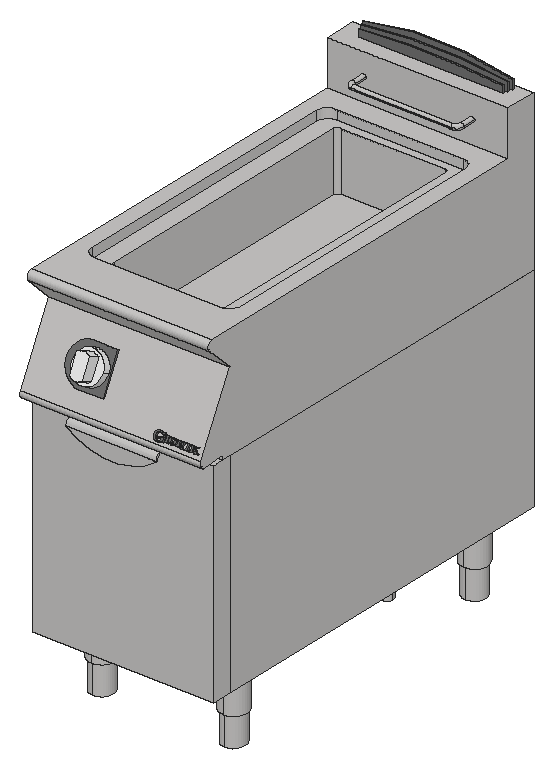
Revit family "QF_GIORIK_FG9113T", category Specialty Equipment, Revit 2014
Parameters (values of type "FG9113T")
  Weight in Pounds = 154.3234
  Watts = 100 W
  Volts = 230 V
  URL Cutsheet = "www.giorik.com"
  URL = "www.giorik.com"
  Status [instance] = ""
  Specification by User [instance] = ""
  Specification by Manufacturer = ""
  Show Logo [instance] = yes
  Show Clearance [instance] = yes
  Serial Number = ""
  Seismic Rating = ""
  SMACNA No = ""
  Revision Code [instance] = ""
  Phase = 1
  Number of Poles [instance] = 1
  NAFEM Spec ID Number = ""
  Model = "FG9113T"
  Min Ckt Ampacity = 0 A
  Mechanical Remarks [instance] = "GPL"
  Mechanical Connection Type [instance] = ""
  Max Overcurrent Protection = 0 A
  Masterspec = ""
  Manufacturer = "GIORIK"
  Item Number [instance] = ""
  Installed By [instance] = ""
  Identify Quantity as Lot [instance] = no
  HP = "0.134102000000"
  Gas Size = 1"
  Gas RI Height [instance] = 0 mm
  Gas KW = 11.5
  Gas Input = 11500 W
  Gas Connection Height [instance] = 150 mm
  Furnished By [instance] = ""
  Foodservice Equipment Identifier [instance] = yes
  FL Amps = 0 A
  Electrical Remarks [instance] = ""
  Electric Connection Type [instance] = ""
  Elec Conn RI Height [instance] = 0 mm
  Elec Conn Connection Height [instance] = 150 mm
  Description = "13 LITRE GAS FRYER."
  Cycle = 50 Hz
  Conn Plug = ""
  Conn Conduit [instance] = no
  CSI MasterFormat = ""
  Assembly Code = "E1090320"
  Apparent Power = 100 VA
Reference planes
  plane 1 "Back": y = 0
  plane 2: z = 0
  plane 3 "Left": x = 0
  plane 4 "Right": x = 400
  plane 5 "Front": y = -920
  plane 6 "Top": z = 900
Forms (mm)
  Extrusion 1, solid, visible <- "Show Logo"
    sketch origin (196.604, -935.76, 608.978) x (-1, 0, 0) y (0, 0.452718, 0.891654)
      loop
        line (-118.824, 58.358) -> (-127.804, 58.358) -> (-125.523, 56.445) -> (-125.523, 48.027) -> (-127.804, 46.113) -> (-118.824, 46.113) -> (-121.105, 48.027) -> (-121.105, 56.445) -> (-118.824, 58.358)
      loop
        line (-163.721, 58.358) -> (-172.7, 58.358) -> (-170.42, 56.445) -> (-170.42, 48.027) -> (-172.7, 46.113) -> (-163.721, 46.113) -> (-166.001, 48.027) -> (-166.001, 56.445) -> (-163.721, 58.358)
      loop
        line (-174.332, 58.358) -> (-183.312, 58.358) -> (-181.031, 56.445) -> (-181.031, 52.435) -> (-186.419, 56.955) -> (-184.416, 58.358) -> (-191.268, 58.358) -> (-188.01, 56.839) -> (-185.455, 54.283) -> (-190.846, 47.858) -> (-193.396, 46.93) -> (-193.396, 46.113) -> (-184.416, 46.113) -> (-185.437, 47.571) -> (-182.443, 51.552) -> (-181.031, 50.894) -> (-181.031, 48.027) -> (-183.312, 46.113) -> (-174.332, 46.113) -> (-176.613, 48.027) -> (-176.613, 56.445) -> (-174.332, 58.358)
      loop
        line (-115.429, 62.063) -> (-115.429, 54.198)
        arc (-115.429, 54.198) -> (-111.618, 57.803) -> (-106.847, 59.986) r 16.039
        arc (-106.847, 59.986) -> (-103.314, 59.837) -> (-100.512, 57.68) r 5.851
        arc (-100.512, 57.68) -> (-98.815, 52.267) -> (-100.512, 46.853) r 9.479
        arc (-100.512, 46.853) -> (-102.406, 44.986) -> (-104.846, 43.93) r 7.236
        arc (-104.846, 43.93) -> (-107.728, 44.111) -> (-110.052, 45.825) r 5.11
        line (-110.052, 45.825) -> (-110.052, 52.001) -> (-116.141, 52.001) -> (-116.141, 45.503) -> (-117.893, 43.751) -> (-114.094, 44.769)
        arc (-114.094, 44.769) -> (-112.56, 44.947) -> (-111.129, 44.366) r 3.115
        arc (-111.129, 44.366) -> (-104.216, 42.091) -> (-97.303, 44.366) r 11.641
        arc (-97.303, 44.366) -> (-93.396, 52.107) -> (-97.303, 59.849) r 9.622
        arc (-97.303, 59.849) -> (-104.369, 62.174) -> (-111.435, 59.849) r 11.898
        line (-111.435, 59.849) -> (-115.429, 62.063)
      loop
        arc (-129.234, 56.068) -> (-135.893, 58.628) -> (-142.552, 56.068) r 9.941
        arc (-142.552, 56.068) -> (-144.234, 52.286) -> (-142.552, 48.505) r 5.093
        arc (-142.552, 48.505) -> (-135.893, 45.945) -> (-129.234, 48.505) r 9.941
        arc (-129.234, 48.505) -> (-127.552, 52.286) -> (-129.234, 56.068) r 5.093
      loop
        arc (-132.628, 54.403) -> (-135.893, 57.668) -> (-139.158, 54.403) r 3.265
        line (-139.158, 54.403) -> (-139.158, 50.169)
        arc (-139.158, 50.169) -> (-135.893, 46.904) -> (-132.628, 50.169) r 3.265
        line (-132.628, 50.169) -> (-132.628, 54.403)
      loop
        arc (-156.363, 58.365) -> (-159.647, 55.081) -> (-156.363, 51.796) r 3.285
        line (-156.363, 51.796) -> (-159.529, 47.306) -> (-162.087, 46.113) -> (-155.847, 46.113) -> (-153.529, 51.083) -> (-150.637, 51.083) -> (-150.637, 47.784) -> (-153.022, 46.113) -> (-144.011, 46.113) -> (-146.094, 47.68) -> (-146.094, 56.493) -> (-144.229, 58.365) -> (-156.363, 58.365)
      loop
        line (-150.637, 57.512) -> (-153.637, 57.512)
        arc (-153.637, 57.512) -> (-156.237, 54.912) -> (-153.637, 52.312) r 2.6
        line (-153.637, 52.312) -> (-150.637, 52.312) -> (-150.637, 57.512)
      loop
        line (-108.924, 52.001) -> (-104.936, 49.005) -> (-100.948, 52.001) -> (-108.924, 52.001)
    from 1.5 to -0.5
  Extrusion 2, solid
    sketch origin (-16, 1025.81, 0) x (1, 0, 0) y (0, 1, 0)
      loop
        line (25, -1086.81) -> (25, -1156.81) -> (115, -1156.81) -> (115, -1086.81) -> (25, -1086.81)
    from 148 to 150
  Extrusion 3, solid
    sketch origin (-14, 0, 130) x (1, 0, 0) y (0, 1, 0)
      loop
        circle (54, -385) r 12.5
    from 0 to 20
  Extrusion 4, solid
    sketch origin (0, 800, -20) x (0, 1, 0) y (0, 0, 1)
      loop
        line (-800, 989.988) -> (-870, 989.988) -> (-870, 889.988) -> (-1688.669, 889.988)
        arc (-1688.669, 889.988) -> (-1699.014, 883.075) -> (-1696.586, 870.873) r 11.197
        line (-1696.586, 870.873) -> (-1640.738, 815.025) -> (-1718.81, 661.258)
        arc (-1718.81, 661.258) -> (-1718.095, 650.105) -> (-1707.98, 645.354) r 10.981
        line (-1707.98, 645.354) -> (-1659.862, 649.925) -> (-1659.862, 640) -> (-800, 640) -> (-800, 989.988)
    from 0 to 400
  Extrusion 5, solid
    sketch origin (0, -200, 599.536) x (1, 0, 0) y (0, 1, 0)
      loop
        line (0, -640) -> (40, -640) -> (40, 160) -> (360, 160) -> (360, -640) -> (400, -640) -> (400, 200) -> (0, 200) -> (0, -640)
    from -449.536 to 20.464
  Extrusion 6, solid
    sketch origin (0, -200, 0) x (1, 0, 0) y (0, 1, 0)
      loop
        line (40, 160) -> (40, -640) -> (360, -640) -> (360, 160) -> (40, 160)
    from 150 to 190
  Extrusion 7, solid
    sketch origin (-16, 360.81, 0) x (1, 0, 0) y (0, 1, 0)
      loop
        line (25, -1086.81) -> (25, -1156.81) -> (115, -1156.81) -> (115, -1086.81) -> (25, -1086.81)
    from 148 to 150
  Revolve 8, solid
    sketch origin (54, 360.81, 0) x (0, 1, 0) y (0, 0, 1)
      loop
        line (-1092.56, 66) -> (-1092.56, 148) -> (-1121.81, 148) -> (-1121.81, 0) -> (-1096.81, 0) -> (-1096.81, 66) -> (-1092.56, 66)
      axis (-1121.81, 0) -> (-1121.81, 148)
    angle from 0 to 360
  Revolve 9, solid
    sketch origin (54, 1025.81, 0) x (0, 1, 0) y (0, 0, 1)
      loop
        line (-1092.56, 66) -> (-1092.56, 148) -> (-1121.81, 148) -> (-1121.81, 0) -> (-1096.81, 0) -> (-1096.81, 66) -> (-1092.56, 66)
      axis (-1121.81, 0) -> (-1121.81, 148)
    angle from 0 to 360
  Extrusion 10, solid
    sketch origin (416, 360.81, 0) x (-1, 0, 0) y (0, -1, 0)
      loop
        line (25, 1086.81) -> (115, 1086.81) -> (115, 1156.81) -> (25, 1156.81) -> (25, 1086.81)
    from 148 to 150
  Revolve 11, solid
    sketch origin (346, 360.81, 0) x (0, 1, 0) y (0, 0, -1)
      loop
        line (-1092.56, -66) -> (-1096.81, -66) -> (-1096.81, 0) -> (-1121.81, 0) -> (-1121.81, -148) -> (-1092.56, -148) -> (-1092.56, -66)
      axis (-1121.81, 0) -> (-1121.81, -148)
    angle from 0 to 360
  Extrusion 12, solid
    sketch origin (416, -1217.81, 0) x (-1, 0, 0) y (0, -1, 0)
      loop
        line (25, -1086.81) -> (25, -1156.81) -> (115, -1156.81) -> (115, -1086.81) -> (25, -1086.81)
    from 148 to 150
  Revolve 13, solid
    sketch origin (346, -1217.81, 0) x (0, -1, 0) y (0, 0, 1)
      loop
        line (-1092.56, 66) -> (-1092.56, 148) -> (-1121.81, 148) -> (-1121.81, 0) -> (-1096.81, 0) -> (-1096.81, 66) -> (-1092.56, 66)
      axis (-1121.81, 0) -> (-1121.81, 148)
    angle from 0 to 360
  Extrusion 14, solid
    sketch origin (-293.221, -1163.345, 52.363) x (1, 0, 0) y (0, 0.452718, 0.891654)
      loop
        line (463.221, 676.25) -> (463.221, 766.25) -> (409.698, 766.25)
        arc (409.698, 766.25) -> (364.698, 721.25) -> (409.698, 676.25) r 45
        line (409.698, 676.25) -> (463.221, 676.25)
    from 48 to 50
  Extrusion 15, solid
    sketch origin (481.331, -1208.697, 74.959) x (-1, 0, 0) y (0, -0.45351, -0.891251)
      loop
        circle (351.331, -721.346) r 35
    from 0 to 15
  Extrusion 16, solid
    sketch origin (481.331, -1208.697, 74.959) x (-1, 0, 0) y (0, -0.45351, -0.891251)
      loop
        arc (336.331, -743.846) -> (351.331, -748.846) -> (366.331, -743.846) r 25
        line (366.331, -743.846) -> (366.331, -698.846)
        arc (366.331, -698.846) -> (351.331, -693.846) -> (336.331, -698.846) r 25
        line (336.331, -698.846) -> (336.331, -743.846)
    from 15 to 40
  Extrusion 17, solid
    sketch origin (-94, 0, 59.999) x (1, 0, 0) y (0, 0, 1)
      loop
        line (135, 909.989) -> (453, 909.989) -> (453, 925.527) -> (347.056, 931.749) -> (240.944, 931.749) -> (135, 925.527) -> (135, 909.989)
    from 32 to 35
  Extrusion 18, solid
    sketch origin (-92, 10, 59.999) x (1, 0, 0) y (0, 0, 1)
      loop
        line (454, 909.989) -> (454, 928.527) -> (346.162, 939.193) -> (237.838, 939.193) -> (130, 928.527) -> (130, 909.989) -> (454, 909.989)
    from 32 to 35
  Extrusion 19, solid
    sketch origin (-90, 20, 59.999) x (1, 0, 0) y (0, 0, 1)
      loop
        line (455, 909.989) -> (455, 930.527) -> (345.396, 947.413) -> (234.604, 947.413) -> (125, 930.527) -> (125, 909.989) -> (455, 909.989)
    from 32 to 35
  Extrusion 20, void
    sketch origin (0, -200, 819.988) x (0, 1, 0) y (-1, 0, 0)
      loop
        arc (80, -60) -> (72.678, -42.322) -> (55, -35) r 25
        line (55, -35) -> (-565.002, -35)
        arc (-565.002, -35) -> (-582.68, -42.322) -> (-590.002, -60) r 25
        line (-590.002, -60) -> (-590.002, -340)
        arc (-590.002, -340) -> (-582.68, -357.678) -> (-565.002, -365) r 25
        line (-565.002, -365) -> (55, -365)
        arc (55, -365) -> (72.678, -357.678) -> (80, -340) r 25
        line (80, -340) -> (80, -60)
    from -100 to 50
  Extrusion 21, solid
    sketch origin (0, -200, 900) x (0, 1, 0) y (-1, 0, 0)
      loop
        arc (80, -60) -> (72.678, -42.322) -> (55, -35) r 25
        line (55, -35) -> (-565.002, -35)
        arc (-565.002, -35) -> (-582.68, -42.322) -> (-590.002, -60) r 25
        line (-590.002, -60) -> (-590.002, -340)
        arc (-590.002, -340) -> (-582.68, -357.678) -> (-565.002, -365) r 25
        line (-565.002, -365) -> (55, -365)
        arc (55, -365) -> (72.678, -357.678) -> (80, -340) r 25
        line (80, -340) -> (80, -60)
      loop
        arc (60, -85.011) -> (57.071, -77.94) -> (50, -75.011) r 10
        line (50, -75.011) -> (-555.002, -75.011)
        arc (-555.002, -75.011) -> (-562.073, -77.94) -> (-565.002, -85.011) r 10
        line (-565.002, -85.011) -> (-565.002, -315)
        arc (-565.002, -315) -> (-562.073, -322.071) -> (-555.002, -325) r 10
        line (-555.002, -325) -> (50, -325)
        arc (50, -325) -> (57.071, -322.071) -> (60, -315) r 10
        line (60, -315) -> (60, -85.011)
    from -180.012 to -50
  Extrusion 22, solid
    sketch origin (0, -925, 0) x (1, 0, 0) y (0, 0, 1)
      loop
        line (0, 620) -> (0, 150) -> (400, 150) -> (400, 620) -> (0, 620)
    from -85 to -40
  Extrusion 23, solid
    sketch origin (0, -925, -20.1) x (0, 1, 0) y (0, 0, 1)
      loop
        arc (25, 640.1) -> (14.393, 635.707) -> (10, 625.1) r 15
        line (10, 625.1) -> (12, 625.1)
        arc (12, 625.1) -> (15.808, 634.292) -> (25, 638.1) r 13
        line (25, 638.1) -> (40, 638.1) -> (40, 640.1) -> (25, 640.1)
    from 97.5 to 297.5
  Extrusion 24, solid
    sketch origin (0, -924.905, -20.1) x (1, 0, 0) y (0, 0, 1)
      loop
        arc (97.5, 625.1) -> (197.5, 590.089) -> (297.5, 625.1) r 160.316
        line (297.5, 625.1) -> (97.5, 625.1)
    from -11.905 to -9.905
  Extrusion 25, solid, visible <- "Show Clearance", detail levels coarse
    sketch origin (395, -925, 0) x (-1, 0, 0) y (0, -1, 0)
      loop
        line (-5, -40) -> (395, -40)
        arc (395, -40) -> (277.534, 241.069) -> (-5, 354.968) r 395
        line (-5, 354.968) -> (-5, -40)
    from 150 to 620
  Extrusion 26, solid
    sketch origin (0, 0, 100) x (0, 1, 0) y (-1, 0, 0)
      loop
        circle (-380, -380) r 12.5
    from 30 to 50
  Sweep 27, solid
    path origin (0, 0, 919.988) x (0, 1, 0) y (-1, 0, 0)
      loop
        line (-70, -80) -> (-100, -80)
        arc (-100, -80) -> (-107.071, -82.929) -> (-110, -90) r 10
        line (-110, -90) -> (-110, -310)
        arc (-110, -310) -> (-107.071, -317.071) -> (-100, -320) r 10
        line (-100, -320) -> (-70, -320)
    profile origin (80, -85, 919.988) x (1, 0, 0) y (0, 0, 1)
      loop
        circle (0, 0) r 5
Cuts and joins
  Extrusion 20 cuts Extrusion 4
Lines and regions (mm)
  symbolic lines, style "200-EquipBorder-2D"
    curve 1: line (0, -920, 0) -> (400, -920, 0)
    curve 2: line (400, -920, 0) -> (400, 0, 0)
    curve 3: line (400, 0, 0) -> (0, 0, 0)
    curve 4: line (0, 0, 0) -> (0, -920, 0)
    curve 46: line (115, -927.413, 900) -> (115, -920, 900)
    curve 47: line (145, -927.413, 900) -> (145, -920, 900)
    curve 48: arc (115, -927.413, 900) -> (130, -929.939, 900) -> (145, -927.413, 900) r 45.81
  symbolic lines, style "200-EquipInternal-2D"
    curve 5: line (35, -12, 900) -> (365, -12, 900)
    curve 6: line (365, -12, 900) -> (365, -15, 900)
    curve 7: line (365, -15, 900) -> (35, -15, 900)
    curve 8: line (35, -15, 900) -> (35, -12, 900)
    curve 9: line (38, -22, 900) -> (362, -22, 900)
    curve 10: line (362, -22, 900) -> (362, -25, 900)
    curve 11: line (362, -25, 900) -> (38, -25, 900)
    curve 12: line (38, -25, 900) -> (38, -22, 900)
    curve 13: line (41, -32, 900) -> (359, -32, 900)
    curve 14: line (359, -32, 900) -> (359, -35, 900)
    curve 15: line (359, -35, 900) -> (41, -35, 900)
    curve 16: line (41, -35, 900) -> (41, -32, 900)
    curve 17: line (340, -120, 900) -> (60, -120, 900)
    curve 18: arc (60, -120, 900) -> (42.322, -127.322, 900) -> (35, -145, 900) r 25
    curve 19: line (35, -145, 900) -> (35, -765, 900)
    curve 20: arc (365, -145, 900) -> (357.678, -127.322, 900) -> (340, -120, 900) r 25
    curve 21: arc (340, -790, 900) -> (356.212, -784.031, 900) -> (364.682, -768.975, 900) r 25
    curve 22: line (60, -790, 900) -> (340, -790, 900)
    curve 23: arc (35, -765, 900) -> (42.322, -782.678, 900) -> (60, -790, 900) r 25
    curve 24: line (365, -765.002, 900) -> (365, -145, 900)
    curve 27: line (85, -140, 900) -> (315, -140, 900)
    curve 28: line (325, -150, 900) -> (325, -755.002, 900)
    curve 29: line (75, -755.002, 900) -> (75, -150, 900)
    curve 30: line (315, -765.002, 900) -> (85, -765.002, 900)
    curve 31: arc (85, -140, 900) -> (77.929, -142.929, 900) -> (75, -150, 900) r 10
    curve 32: arc (315, -140, 900) -> (322.071, -142.929, 900) -> (325, -150, 900) r 10
    curve 33: arc (75, -755.002, 900) -> (77.929, -762.073, 900) -> (85, -765.002, 900) r 10
    curve 34: arc (315, -765.002, 900) -> (322.071, -762.073, 900) -> (325, -755.002, 900) r 10
    curve 35: line (80, -70, 900) -> (80, -99.667, 900)
    curve 36: line (90, -100, 900) -> (90, -70, 900)
    curve 37: line (94.989, -104.989, 900) -> (315.27, -104.989, 900)
    curve 38: line (320.032, -100.227, 900) -> (320.032, -70, 900)
    curve 39: line (330.032, -70, 900) -> (330.032, -100.301, 900)
    curve 40: line (315.333, -115, 900) -> (95.333, -115, 900)
    curve 41: arc (95.333, -115, 900) -> (84.491, -110.509, 900) -> (80, -99.667, 900) r 15.333
    curve 42: arc (90, -100, 900) -> (91.461, -103.528, 900) -> (94.989, -104.989, 900) r 4.989
    curve 43: arc (315.333, -115, 900) -> (325.727, -110.695, 900) -> (330.032, -100.301, 900) r 14.699
    curve 44: arc (320.032, -100.227, 900) -> (318.637, -103.594, 900) -> (315.27, -104.989, 900) r 4.762
    curve 45: line (0, -70, 900) -> (400, -70, 900)
  symbolic lines, style "QF_Door-Drawer Clearances", visible <- "Show Clearance", detail levels coarse
    curve 25: arc (400, -1279.968, 0) -> (130.204, -1178.101, 0) -> (1.554, -920, 0) r 395
    curve 26: line (400, -920, 0) -> (400, -1279.968, 0)
Dimensions and locks
  plane 3 "Left" to plane 4 "Right" = 400 mm
  plane 5 "Front" to plane 1 "Back" = 920 mm
  plane 4 "Right" to plane 3 "Left" = 400 mm
  plane 1 "Back" to plane 5 "Front" = 920 mm
  plane 6 "Top" to level = 900 mm  (x2)
  aligned and locked: level to plane 2
Connectors
  electrical at (380, -380, 130), driven by "Apparent Power", driven by "Volts", driven by "Number of Poles"
    settings: on Extrusion 26, index 1, voltage 230 V, apparent load 0 VA, apparent load phase1 100 VA, apparent load phase2 0 VA, apparent load phase3 0 VA, power factor 1, load classification "Other", number of poles 1, system type 31, power factor state 1, is connector primary yes, connector utility no, sub classification motor no, connector description "Electrical connection"
  piping at (40, -385, 130), diameter 25.4, driven by "Gas Size"
    settings: on Extrusion 3, index 2, connector inside diameter 24", connector length 0 mm, flow factor 0, pipe flow 0.0 L/s, pressure drop 0.0 Pa, fitting loss kfactor 0, connector angle 0.00°, fixture units 0, engagement length 0 mm, angle of deflection 0.00°, flow configuration 1, flow direction 1, fitting loss method 0, system type 22, joint type 0, gender type 0, connector reference index -1, connector utility 0, adjustable connector no, is connector primary yes, connector description "Gas inlet"
